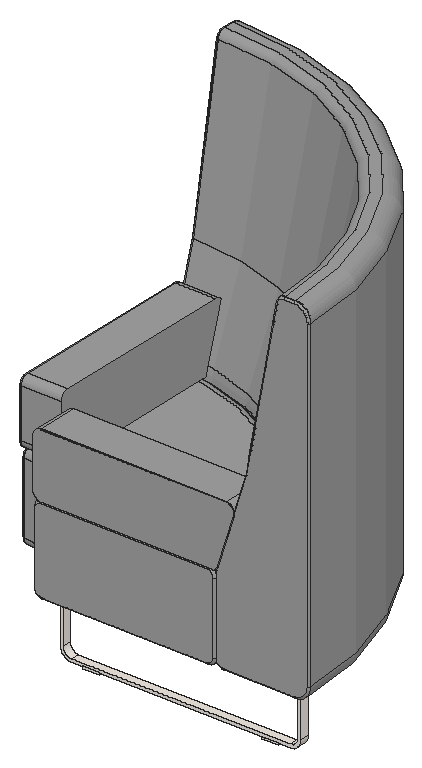
Revit family "Haworth_Riverbend_ConcaveCurve90_EU_PRELIMINARY", category Furniture, Revit 2018
Family settings
  OmniClass Number = 23.40.70.14.64.21
  OmniClass Title = Systems Furniture
  Work Plane-Based = No
  Always vertical = Yes
  Cut with Voids When Loaded = No
  Shared = No
  Room Calculation Point = No
Parameters (values of type "126 x 90 x 143 - High Back")
  Without Arms [instance] = not(or(Left Arm, Right Arm))  # no
  With Arms [instance] = not(Without Arms)  # yes
  Width Straight Edge = if(Small, 79 cm, 85 cm)  # 85 cm
  Warranty = "http://www.haworth.com/resources/product-info/warranties"
  URL - Product = "https://www.haworth.com/eu/en/products/sofas-armchairs/riverbend-pebble.html"
  Two Arms [instance] = and(Left Arm, Right Arm)  # yes
  Trim Finish = Haworth _ Paint _ Plaster
  Symbolic Line Controller = not(No Back)  # yes
  Small = not(Large)  # no
  Seat Upholstery Finish [instance] = Haworth _ Fabric _ Tellure _ Steel 3A-39
  Right Arm [instance] = yes
  No Back = no
  Mid Back = not(or(No Back, High Back))  # no
  Model = "SELSCX90"  # constant formula
  Left Arm [instance] = yes
  Large = yes
  High Back = yes
  Description = "Haworth - Riverbend - Concave Curve - 90 Degree"  # constant formula
  URL = "https://www.haworth.com/eu/en.html"
  Size = "Verify Final Dim. w/ Haworth"  # constant formula
  Revision Number = "1"  # constant formula
  Manufacturer = "Haworth"  # constant formula
  Back Upholstery Finish [instance] = Haworth _ Fabric _ Tellure _ Steel 3A-39
  Author = "Haworth (Bentzen, Abd Rahman)"  # constant formula
  Assembly Code = "E2020200"
  Arms = "Not available for No Back"  # constant formula
  Arm Finish [instance] = Haworth _ Fabric _ Tellure _ Steel 3A-39
  Actual Width = 143 cm  # constant formula
  Actual Height = 45 cm  # constant formula
  Actual Depth = if(Small, 79 cm, 85 cm)  # 85 cm
Reference planes (cm)
  plane 1 "Center F/B": through (-20.2604, -33.9808, 0) normal (-0.7071, -0.7071, 0)
  plane 2 "Bottom": z = 0
  plane 3 "Center L/R": through (5.5102, -29.3435, 0) normal (0.7071, -0.7071, 0)
  plane 4 "Left": through (-116.505, -50.3938, 121.92) normal (-0.7071, 0.7071, 0)
  plane 5 "Right": through (124.5903, -11.5309, 121.92) normal (0.7071, -0.7071, 0)
  plane 6 "Frame Back": through (-73.6346, 78.6631, 121.92) normal (0.7071, 0.7071, 0)
  plane 7 "Chair Front": through (-138.4552, 17.76, 121.92) normal (0.7071, 0.7071, 0)
  plane 8 "Top": z = 45
  plane 9 "Top - Bottom of Chamfer Edge": z = 44.365
  plane 10 "Frame Bottom": z = 17.695
  plane 11 "Bottom - Top of Chamfer Edge": z = 17.78
  plane 12 "Leg Bracket - Bottom": z = 17.78
  plane 13 "Leg Bottom - Top of Bottom": z = 1.5875
  plane 14 "Foot - Top of Foot": z = 0.635
  plane 15 "Bench Frame - Inner Concave Tangent Edge No 1": y = -69.2019
  plane 16 "Bench Frame - Inner Concave Tangent Edge No 2": x = -34.3482
  plane 17 "Bench Frame - Outer Concave Tangent Edge No 1": y = 15.7981
  plane 18 "Bench Frame - Outer Concave Tangent Edge No 2": x = 50.6518
  plane 19 "Bench Frame - Center Side No 1": y = -26.7019
  plane 20 "Bench Frame - Center Side No 2": x = 8.1518
  plane 21 "Bench Frame - Straight Edge No 2": y = -86.9819
  plane 22 "Bench Frame - Straight Edge No 1": x = -52.1282
  plane 23 "Left Leg - Back of Leg Bracket": y = 10.1334
  plane 24 "Center Leg - Back of Leg Bracket": through (-139.7206, 138.259, 121.92) normal (0.7071, 0.7071, 0)
  plane 25 "Right Leg - Back of Leg Bracket": x = 44.9871
  plane 26 "Left Leg - Front of Leg Bracket": y = -64.7169
  plane 27 "Right Leg - Front of Leg Bracket": x = -29.8635
  plane 28 "Center Leg - Front of Leg Bracket": through (-8.4793, -41.4757, 121.92) normal (0.7071, 0.7071, 0)
  plane 29: through (-170.5143, 49.6713, 121.92) normal (-0.7071, 0.7071, 0)
  plane 30 "Left - Top of Chamfer Edge": x = -51.4932
  plane 31 "Right - Top of Chamfer Edge": y = -86.3469
  plane 32 "Leg Left - Left of Leg Bracket": x = -48.1694
  plane 33 "Right Left - Right of Leg Bracket": y = -83.0231
  plane 34: through (12.7455, -15.5542, 121.92) normal (0.7071, 0.7071, 0)
  plane 35: y = 4.1009
  plane 36: y = 3.1409
  plane 37: y = -1.9391
  plane 38: y = 9.1809
  plane 39: y = -52.6441
  plane 40: y = -57.7241
  plane 41: y = -58.6841
  plane 42: y = -63.7641
  plane 43: through (-7.7752, -40.8329, 121.92) normal (-0.7071, -0.7071, 0)
  plane 44: through (-4.1831, -37.2408, 121.92) normal (-0.7071, -0.7071, 0)
  plane 45: through (-3.5042, -36.5619, 121.92) normal (-0.7071, -0.7071, 0)
  plane 46: through (0.0879, -32.9698, 121.92) normal (-0.7071, -0.7071, 0)
  plane 47: through (7.2615, -25.7962, 121.92) normal (-0.7071, -0.7071, 0)
  plane 48: through (10.8536, -22.2041, 121.92) normal (-0.7071, -0.7071, 0)
  plane 49: through (11.5324, -21.5253, 121.92) normal (-0.7071, -0.7071, 0)
  plane 50: x = -28.9104
  plane 51: x = -23.8304
  plane 52: x = -22.8704
  plane 53: x = -17.7904
  plane 54: x = 32.9146
  plane 55: x = 37.9946
  plane 56: x = 38.9546
  plane 57: x = 44.0346
  plane 58: x = -45.6294
  plane 59: y = -80.4831
  plane 60: through (15.798, -17.2597, 121.92) normal (-0.7071, 0.7071, 0)
  plane 61: through (17.594, -19.0557, 121.92) normal (-0.7071, 0.7071, 0)
  plane 62: x = -42.1369
  plane 63: through (0.0825, -41.5064, 121.92) normal (0.7071, -0.7071, 0)
  plane 64: y = -76.9906
Lines and regions (cm)
  Masking region 1
    outline origin (0, 0, 45) x (-1, 0, 0) y (0, -1, 0)
      loop
        arc (52.6282, 69.7019) -> (40.0558, 74.9096) -> (34.8482, 87.4819) r 17.78
        line (34.8482, 87.4819) -> (-55.1518, 87.4819)
        arc (-55.1518, 87.4819) -> (-22.6426, 12.9535) -> (52.6282, -17.7978) r 108.0349
        line (52.6282, -17.7978) -> (52.6282, 69.7019)
  symbolic lines, style "Haworth", visible <- "Symbolic Line Controller"
    curve 1: arc (-52.6282, -9.6367, 45) -> (1.9406, -32.2054, 45) -> (22.716, -87.4819, 45) r 74.1467
Dimensions and locks (cm)
  "Actual Width": plane 4 "Left" to plane 5 "Right"
  locked: plane 8 "Top" to plane 9 "Top - Bottom of Chamfer Edge" at 0.635
  locked: plane 11 "Bottom - Top of Chamfer Edge" to plane 10 "Frame Bottom" at 0.085
  locked: plane 8 "Top" to plane 10 "Frame Bottom" at 27.305
  "Actual Height": plane 8 "Top" to plane 2 "Bottom"
  plane 8 "Top" to plane 2 "Bottom" = 45 cm
  "Width Straight Edge": plane 16 "Bench Frame - Inner Concave Tangent Edge No 2" to plane 18 "Bench Frame - Outer Concave Tangent Edge No 2"
  "Width Straight Edge": plane 17 "Bench Frame - Outer Concave Tangent Edge No 1" to plane 15 "Bench Frame - Inner Concave Tangent Edge No 1"
  equal spacing: plane 17 "Bench Frame - Outer Concave Tangent Edge No 1", plane 19 "Bench Frame - Center Side No 1", plane 15 "Bench Frame - Inner Concave Tangent Edge No 1"
  equal spacing: plane 16 "Bench Frame - Inner Concave Tangent Edge No 2", plane 20 "Bench Frame - Center Side No 2", plane 18 "Bench Frame - Outer Concave Tangent Edge No 2"
  plane 15 "Bench Frame - Inner Concave Tangent Edge No 1" to plane 21 "Bench Frame - Straight Edge No 2" = 17.78 cm
  plane 22 "Bench Frame - Straight Edge No 1" to plane 16 "Bench Frame - Inner Concave Tangent Edge No 2" = 17.78 cm
  plane 22 "Bench Frame - Straight Edge No 1" to plane 30 "Left - Top of Chamfer Edge" = 0.635 cm
  plane 31 "Right - Top of Chamfer Edge" to plane 21 "Bench Frame - Straight Edge No 2" = 0.635 cm
  plane 24 "Center Leg - Back of Leg Bracket" to plane 28 "Center Leg - Front of Leg Bracket" = 34.29 cm
  plane 16 "Bench Frame - Inner Concave Tangent Edge No 2" to plane 18 "Bench Frame - Outer Concave Tangent Edge No 2" = 85 cm
  radius of Masking region 1 sketch curve = 17.78 cm
  aligned and locked: nested 1 to level
  aligned and locked: plane 20 "Bench Frame - Center Side No 2" to nested 1
  aligned and locked: plane 19 "Bench Frame - Center Side No 1" to nested 1
  aligned and locked: plane 11 "Bottom - Top of Chamfer Edge" to nested 2
  aligned and locked: plane 11 "Bottom - Top of Chamfer Edge" to nested 4
  aligned and locked: plane 11 "Bottom - Top of Chamfer Edge" to nested 3
  aligned and locked: plane 20 "Bench Frame - Center Side No 2" to nested 3
  aligned and locked: plane 19 "Bench Frame - Center Side No 1" to nested 3
  aligned and locked: plane 19 "Bench Frame - Center Side No 1" to nested 2
  aligned and locked: plane 20 "Bench Frame - Center Side No 2" to nested 2
  aligned and locked: nested 4 to nested 3
  aligned and locked: plane 11 "Bottom - Top of Chamfer Edge" to nested 1
  aligned and locked: Masking region 1 sketch curve to nested 4
  aligned and locked: nested 3 to Masking region 1 sketch curve  (x2)
  aligned and locked: nested 3 to curve 1  (x2)
  aligned and locked: nested 5 to plane 8 "Top"
  aligned and locked: nested 5 to nested 3  (x2)
  aligned and locked: plane 8 "Top" to nested 6
  aligned and locked: nested 3 to nested 6
  aligned and locked: nested 7 to nested 3
  aligned and locked: nested 8 to nested 3
Automatic sketch dimensions
  Masking region 1 sketch curve to Masking region 1 sketch curve = 0.2198 cm
  plane 17 "Bench Frame - Outer Concave Tangent Edge No 1" to Masking region 1 sketch curve = 1.9998 cm
  curve 1 to plane 32 "Leg Left - Left of Leg Bracket" = 3.1685 cm
  curve 1 to plane 33 "Right Left - Right of Leg Bracket" = 0.7491 cm
  plane 54 to curve 1 = 10.1986 cm
Nested families (cm)
  nested 1: "Haworth_Riverbend_ConcaveBench90_Base-PART" at (0, 0, 0), Trim Finish <- "Trim Finish", type "Base - PART"
    with Trim Finish Haworth _ Paint _ Plaster, Width Straight Edge 85 cm, Actual Depth 85 cm
  nested 2: "Haworth_Riverbend_ConcaveBench90_Small_Seat-PART" at (-0.5, -0.5, 0.085), Seat Upholstery Finish <- "Seat Upholstery Finish", Trim Finish <- "Trim Finish", Back Upholstery Finish <- "Back Upholstery Finish", visible <- "Small", type "Small Seat - PART"
    with Seat Upholstery Finish Haworth _ Fabric _ Tellure _ Steel 3A-39
  nested 3: "Haworth_Riverbend_ConcaveBench90_Back-PART" at (-0.5, -0.5, -0.635), Back Upholstery Finish <- "Back Upholstery Finish", type "Back - PART"
    with Back Upholstery Finish Haworth _ Fabric _ Tellure _ Steel 3A-39, Actual Height 45 cm, Actual Depth 85 cm
  nested 4: "Haworth_Riverbend_ConcaveBench90_Large_Seat-PART" at (-0.5, -0.5, 0.085), visible <- "Large", Trim Finish <- "Trim Finish", Seat Upholstery Finish <- "Seat Upholstery Finish", Back Upholstery Finish <- "Back Upholstery Finish", type "Large Seat - PART"
    with Trim Finish Haworth _ Paint _ Plaster, Seat Upholstery Finish Haworth _ Fabric _ Tellure _ Steel 3A-39, Back Upholstery Finish Haworth _ Fabric _ Tellure _ Steel 3A-39, Symbolic Line Controller yes, No Back no, Mid Back no, Actual Height 45 cm
  nested 5: "Haworth_Riverbend_Arm-PART" at (3.4018, -43.6389, 0), 85D <- "Large", Arm Finish <- "Arm Finish", visible <- "Left Arm", type "Arm - PART"
    with Arm Finish Haworth _ Fabric _ Tellure _ Steel 3A-39, 85D yes, 79D no, Actual Height 45 cm
  nested 6: "Haworth_Riverbend_Arm-PART" at (-8.1997, -31.4519, 0) x (0, 1, 0) z (0, 0, 1), 85D <- "Large", Arm Finish <- "Arm Finish", visible <- "Right Arm", type "Arm - PART"
    with Arm Finish Haworth _ Fabric _ Tellure _ Steel 3A-39, 85D yes, 79D no, Actual Height 45 cm
  nested 7: "Haworth_Riverbend_Arm-PART" at (3.4018, -41.8385, 0), 79D <- "Small", Arm Finish <- "Arm Finish", visible <- "Left Arm", type "Arm - PART"
    with Arm Finish Haworth _ Fabric _ Tellure _ Steel 3A-39, 85D no, 79D no, Actual Height 45 cm
  nested 8: "Haworth_Riverbend_Arm-PART" at (-6.5319, -130.5119, 0) x (0, -1, 0) z (0, 0, 1), 79D <- "Small", Arm Finish <- "Arm Finish", visible <- "Right Arm", type "Arm - PART"
    with Arm Finish Haworth _ Fabric _ Tellure _ Steel 3A-39, 85D no, 79D no, Actual Height 45 cm
Definition of nested family "Haworth_Riverbend_ConcaveBench90_Base-PART"
  Parameters (values of type "Base - PART")
    Width Straight Edge = 90 cm
    Warranty = "http://www.haworth.com/resources/product-info/warranties"
    URL - Product = "http://www.haworth.com/products/seating/sofas/riverbend-pebble"
    Trim Finish [instance] = none
    Model = "Haworth - Riverbend"  # constant formula
    Description = "Haworth - Riverbend - Base - PART"  # constant formula
    URL = "http://www.haworth.com"
    Size = "Verify Final Dim. w/ Haworth"  # constant formula
    Revision Number = "1"  # constant formula
    Manufacturer = "Haworth"  # constant formula
    Author = "Haworth (Bentzen, Abd Rahman)"  # constant formula
    Assembly Code = "E2020200"
    Actual Width = 143 cm  # constant formula
    Actual Height = 45 cm
    Actual Depth = 90 cm
  Reference planes (cm)
    plane 1 "Center F/B": through (-20.2604, -33.9808, 0) normal (-0.7071, -0.7071, 0)
    plane 2 "Bottom": z = 0
    plane 3 "Center L/R": through (5.5102, -29.3435, 0) normal (0.7071, -0.7071, 0)
    plane 4 "Left": through (-116.505, -50.3938, 121.92) normal (-0.7071, 0.7071, 0)
    plane 5 "Right": through (124.5903, -11.5309, 121.92) normal (0.7071, -0.7071, 0)
    plane 6 "Frame Back": through (-73.6346, 78.6631, 121.92) normal (0.7071, 0.7071, 0)
    plane 7 "Chair Front": through (-138.4552, 17.76, 121.92) normal (0.7071, 0.7071, 0)
    plane 8 "Top": z = 45
    plane 9 "Frame Bottom": z = 17.695
    plane 10 "Bottom - Top of Chamfer Edge": z = 18.33
    plane 11 "Leg Bracket - Bottom": z = 17.78
    plane 12 "Leg Bottom - Top of Bottom": z = 1.5875
    plane 13 "Foot - Top of Foot": z = 0.635
    plane 14 "Bench Frame - Inner Concave Tangent Edge No 1": y = -69.2019
    plane 15 "Bench Frame - Inner Concave Tangent Edge No 2": x = -34.3482
    plane 16 "Bench Frame - Outer Concave Tangent Edge No 1": y = 20.7981
    plane 17 "Bench Frame - Outer Concave Tangent Edge No 2": x = 55.6518
    plane 18 "Bench Frame - Center Side No 1": y = -24.2019
    plane 19 "Bench Frame - Center Side No 2": x = 10.6518
    plane 20 "Bench Frame - Straight Edge No 2": y = -86.9819
    plane 21 "Bench Frame - Straight Edge No 1": x = -52.1282
    plane 22 "Left Leg - Back of Leg Bracket": y = 10.1334
    plane 23 "Center Leg - Back of Leg Bracket": through (-139.7206, 138.259, 121.92) normal (0.7071, 0.7071, 0)
    plane 24 "Right Leg - Back of Leg Bracket": x = 44.9871
    plane 25 "Left Leg - Front of Leg Bracket": y = -64.7169
    plane 26 "Right Leg - Front of Leg Bracket": x = -29.8635
    plane 27 "Center Leg - Front of Leg Bracket": through (-8.4793, -41.4757, 121.92) normal (0.7071, 0.7071, 0)
    plane 28: through (-170.5143, 49.6713, 121.92) normal (-0.7071, 0.7071, 0)
    plane 29 "Left - Top of Chamfer Edge": x = -51.4932
    plane 30 "Right - Top of Chamfer Edge": y = -86.3469
    plane 31 "Leg Left - Left of Leg Bracket": x = -48.1694
    plane 32 "Right Left - Right of Leg Bracket": y = -83.0231
    plane 33: through (12.7455, -15.5542, 121.92) normal (0.7071, 0.7071, 0)
    plane 34: y = 4.1009
    plane 35: y = 3.1409
    plane 36: y = -1.9391
    plane 37: y = 9.1809
    plane 38: y = -52.6441
    plane 39: y = -57.7241
    plane 40: y = -58.6841
    plane 41: y = -63.7641
    plane 42: through (-7.7752, -40.8329, 121.92) normal (-0.7071, -0.7071, 0)
    plane 43: through (-4.1831, -37.2408, 121.92) normal (-0.7071, -0.7071, 0)
    plane 44: through (-3.5042, -36.5619, 121.92) normal (-0.7071, -0.7071, 0)
    plane 45: through (0.0879, -32.9698, 121.92) normal (-0.7071, -0.7071, 0)
    plane 46: through (7.2615, -25.7962, 121.92) normal (-0.7071, -0.7071, 0)
    plane 47: through (10.8536, -22.2041, 121.92) normal (-0.7071, -0.7071, 0)
    plane 48: through (11.5324, -21.5253, 121.92) normal (-0.7071, -0.7071, 0)
    plane 49: x = -28.9104
    plane 50: x = -23.8304
    plane 51: x = -22.8704
    plane 52: x = -17.7904
    plane 53: x = 32.9146
    plane 54: x = 37.9946
    plane 55: x = 38.9546
    plane 56: x = 44.0346
    plane 57: x = -45.6294
    plane 58: y = -80.4831
    plane 59: through (15.798, -17.2597, 121.92) normal (-0.7071, 0.7071, 0)
    plane 60: through (17.594, -19.0557, 121.92) normal (-0.7071, 0.7071, 0)
    plane 61: x = -42.1369
    plane 62: through (0.0825, -41.5064, 121.92) normal (0.7071, -0.7071, 0)
    plane 63: y = -76.9906
    plane 64: y = 14.6181
    plane 65: y = -7.2874
    plane 66: y = 14.6181
  Forms (cm)
    Extrusion 1, solid, material <- "Trim Finish"
      sketch origin (-56.9094, -25.788, 0) x (0, -1, 0) y (0, 0, -1)
        loop
          line (-35.9214, -17.695) -> (-34.9689, -17.695) -> (-34.9689, -4.1275)
          arc (-34.9689, -4.1275) -> (-34.225, -2.3314) -> (-32.4289, -1.5875) r 2.54
          line (-32.4289, -1.5875) -> (35.4361, -1.5875)
          arc (35.4361, -1.5875) -> (37.2321, -2.3314) -> (37.9761, -4.1275) r 2.54
          line (37.9761, -4.1275) -> (37.9761, -17.695) -> (38.9289, -17.695) -> (38.9289, -3.81)
          arc (38.9289, -3.81) -> (37.999, -1.5649) -> (35.7539, -0.635) r 3.175
          line (35.7539, -0.635) -> (-32.7464, -0.635)
          arc (-32.7464, -0.635) -> (-34.9915, -1.5649) -> (-35.9214, -3.81) r 3.175
          line (-35.9214, -3.81) -> (-35.9214, -17.695)
      from 8.74 to 11.28
    Extrusion 2, solid, material <- "Trim Finish"
      sketch origin (-51.2931, 95.3569, 45.72) x (1, 0, 0) y (0, 1, 0)
        loop
          line (3.1238, -92.216) -> (3.1238, -97.296) -> (5.6637, -97.296) -> (5.6637, -92.216) -> (3.1238, -92.216)
      from -45.72 to -45.085
    Extrusion 3, solid, material <- "Trim Finish"
      sketch origin (-51.2931, 101.1597, 45.72) x (1, 0, 0) y (0, 1, 0)
        loop
          line (3.1238, -158.8838) -> (5.6637, -158.8838) -> (5.6637, -153.8038) -> (3.1238, -153.8038) -> (3.1238, -158.8838)
      from -45.72 to -45.085
    Extrusion 4, solid, material <- "Trim Finish"
      sketch origin (-51.2931, 95.3569, 45.72) x (1, 0, 0) y (0, 1, 0)
        loop
          line (3.1238, -85.2235) -> (3.1238, -91.256) -> (9.1562, -91.256) -> (9.1562, -85.2235) -> (3.1238, -85.2235)
      from -27.94 to -28.025
    Extrusion 5, solid, material <- "Trim Finish"
      sketch origin (-51.2931, 151.8647, 45.72) x (1, 0, 0) y (0, 1, 0)
        loop
          line (3.1238, -216.5816) -> (9.1562, -216.5816) -> (9.1562, -210.5488) -> (3.1238, -210.5488) -> (3.1238, -216.5816)
      from -27.94 to -28.025
    Extrusion 6, solid, material <- "Trim Finish"
      sketch origin (9.0657, -91.7631, -0.085) x (-1, 0, 0) y (0, 0, 1)
        loop
          line (-35.9214, 17.78) -> (-35.9214, 3.895)
          arc (-35.9214, 3.895) -> (-34.9915, 1.6499) -> (-32.7464, 0.72) r 3.175
          line (-32.7464, 0.72) -> (35.7542, 0.72)
          arc (35.7542, 0.72) -> (37.9993, 1.6499) -> (38.9292, 3.895) r 3.175
          line (38.9292, 3.895) -> (38.9292, 17.78) -> (37.9761, 17.78) -> (37.9761, 4.2125)
          arc (37.9761, 4.2125) -> (37.2321, 2.4164) -> (35.4361, 1.6725) r 2.54
          line (35.4361, 1.6725) -> (-32.4289, 1.6725)
          arc (-32.4289, 1.6725) -> (-34.225, 2.4164) -> (-34.9689, 4.2125) r 2.54
          line (-34.9689, 4.2125) -> (-34.9689, 17.78) -> (-35.9214, 17.78)
      from 8.74 to 11.28
    Extrusion 7, solid, material <- "Trim Finish"
      sketch origin (130.2106, -86.1469, 45.72) x (0, 1, 0) y (-1, 0, 0)
        loop
          line (3.1238, 92.216) -> (5.6637, 92.216) -> (5.6637, 97.296) -> (3.1238, 97.296) -> (3.1238, 92.216)
      from -45.72 to -45.085
    Extrusion 8, solid, material <- "Trim Finish"
      sketch origin (136.0134, -86.1469, 45.72) x (0, 1, 0) y (-1, 0, 0)
        loop
          line (3.1238, 158.8838) -> (3.1238, 153.8038) -> (5.6637, 153.8038) -> (5.6637, 158.8838) -> (3.1238, 158.8838)
      from -45.72 to -45.085
    Extrusion 9, solid, material <- "Trim Finish"
      sketch origin (130.2106, -86.1469, 45.72) x (0, 1, 0) y (-1, 0, 0)
        loop
          line (3.1238, 85.2235) -> (9.1562, 85.2235) -> (9.1562, 91.256) -> (3.1238, 91.256) -> (3.1238, 85.2235)
      from -27.94 to -28.025
    Extrusion 10, solid, material <- "Trim Finish"
      sketch origin (186.7184, -86.1469, 45.72) x (0, 1, 0) y (-1, 0, 0)
        loop
          line (3.1238, 216.5819) -> (3.1238, 210.5488) -> (9.1562, 210.5488) -> (9.1562, 216.5819) -> (3.1238, 216.5819)
      from -27.94 to -28.025
    Extrusion 11, solid, material <- "Trim Finish"
      sketch origin (12.8979, -7.7996, 0) x (-0.707107, -0.707107, 0) y (0, 0, -1)
        loop
          line (4.6386, -17.695) -> (5.5911, -17.695) -> (5.5911, -4.1275)
          arc (5.5911, -4.1275) -> (6.335, -2.3314) -> (8.1311, -1.5875) r 2.54
          line (8.1311, -1.5875) -> (35.4361, -1.5875)
          arc (35.4361, -1.5875) -> (37.2321, -2.3314) -> (37.9761, -4.1275) r 2.54
          line (37.9761, -4.1275) -> (37.9761, -17.695) -> (38.9286, -17.695) -> (38.9286, -3.81)
          arc (38.9286, -3.81) -> (37.9987, -1.5649) -> (35.7536, -0.635) r 3.175
          line (35.7536, -0.635) -> (7.8136, -0.635)
          arc (7.8136, -0.635) -> (5.5685, -1.5649) -> (4.6386, -3.81) r 3.175
          line (4.6386, -3.81) -> (4.6386, -17.695)
      from 8.74 to 11.28
    Extrusion 12, solid, material <- "Trim Finish"
      sketch origin (73.8513, 45.2113, 45.72) x (0.707107, -0.707107, 0) y (0.707107, 0.707107, 0)
        loop
          line (3.1238, -92.216) -> (3.1238, -97.296) -> (5.6637, -97.296) -> (5.6637, -92.216) -> (3.1238, -92.216)
      from -45.72 to -45.085
    Extrusion 13, solid, material <- "Trim Finish"
      sketch origin (106.6347, 77.9947, 45.72) x (0.707107, -0.707107, 0) y (0.707107, 0.707107, 0)
        loop
          line (3.1238, -158.8838) -> (5.6637, -158.8838) -> (5.6637, -153.8038) -> (3.1238, -153.8038) -> (3.1238, -158.8838)
      from -45.72 to -45.085
    Extrusion 14, solid, material <- "Trim Finish"
      sketch origin (73.8513, 45.2113, 45.72) x (0.707107, -0.707107, 0) y (0.707107, 0.707107, 0)
        loop
          line (3.1238, -85.2235) -> (3.1238, -91.256) -> (9.1562, -91.256) -> (9.1562, -85.2235) -> (3.1238, -85.2235)
      from -27.94 to -28.025
    Extrusion 15, solid, material <- "Trim Finish"
      sketch origin (142.4886, 113.8486, 45.72) x (0.707107, -0.707107, 0) y (0.707107, 0.707107, 0)
        loop
          line (3.1238, -216.5813) -> (9.1562, -216.5813) -> (9.1562, -210.5488) -> (3.1238, -210.5488) -> (3.1238, -216.5813)
      from -27.94 to -28.025
  Lines and regions (cm)
    Masking region 1
      outline origin (0, 0, 45) x (-1, 0, 0) y (0, -1, 0)
        loop
          line (45.6294, 61.2241) -> (45.6294, -6.6409) -> (48.1694, -6.6409) -> (48.1694, 61.2241) -> (45.6294, 61.2241)
        loop
          line (1.0931, 37.7428) -> (-18.2145, 18.4353) -> (-16.4184, 16.6392) -> (2.8891, 35.9468) -> (1.0931, 37.7428)
        loop
          line (26.3704, 83.0231) -> (-41.4946, 83.0231) -> (-41.4946, 80.4831) -> (26.3704, 80.4831) -> (26.3704, 83.0231)
  Dimensions and locks (cm)
    "Actual Width": plane 4 "Left" to plane 5 "Right"
    plane 8 "Top" to plane 9 "Frame Bottom" = 27.305 cm
    "Actual Height": plane 8 "Top" to plane 2 "Bottom"
    plane 8 "Top" to plane 2 "Bottom" = 45 cm
    Extrusion 1 sketch curve to Extrusion 1 sketch curve = 0.9525 cm  (x2)
    Extrusion 1 sketch curve to Extrusion 1 sketch curve = 0.9528 cm
    "Width Straight Edge": plane 15 "Bench Frame - Inner Concave Tangent Edge No 2" to plane 17 "Bench Frame - Outer Concave Tangent Edge No 2"
    "Width Straight Edge": plane 16 "Bench Frame - Outer Concave Tangent Edge No 1" to plane 14 "Bench Frame - Inner Concave Tangent Edge No 1"
    equal spacing: plane 16 "Bench Frame - Outer Concave Tangent Edge No 1", plane 18 "Bench Frame - Center Side No 1", plane 14 "Bench Frame - Inner Concave Tangent Edge No 1"
    equal spacing: plane 15 "Bench Frame - Inner Concave Tangent Edge No 2", plane 19 "Bench Frame - Center Side No 2", plane 17 "Bench Frame - Outer Concave Tangent Edge No 2"
    plane 14 "Bench Frame - Inner Concave Tangent Edge No 1" to plane 20 "Bench Frame - Straight Edge No 2" = 17.78 cm
    plane 21 "Bench Frame - Straight Edge No 1" to plane 15 "Bench Frame - Inner Concave Tangent Edge No 2" = 17.78 cm
    plane 21 "Bench Frame - Straight Edge No 1" to plane 29 "Left - Top of Chamfer Edge" = 0.635 cm
    plane 30 "Right - Top of Chamfer Edge" to plane 20 "Bench Frame - Straight Edge No 2" = 0.635 cm
    Extrusion 6 sketch curve to Extrusion 6 sketch curve = 0.9525 cm  (x2)
    Extrusion 6 sketch curve to Extrusion 6 sketch curve = 0.9531 cm
    Extrusion 11 sketch curve to Extrusion 11 sketch curve = 0.9525 cm  (x3)
    plane 23 "Center Leg - Back of Leg Bracket" to plane 27 "Center Leg - Front of Leg Bracket" = 34.29 cm
    plane 15 "Bench Frame - Inner Concave Tangent Edge No 2" to plane 17 "Bench Frame - Outer Concave Tangent Edge No 2" = 90 cm
    plane 10 "Bottom - Top of Chamfer Edge" to plane 11 "Leg Bracket - Bottom" to plane 9 "Frame Bottom" = 0.55 cm locked, 0.085 cm locked
    aligned and locked: Extrusion 11 to plane 33
    aligned and locked: plane 23 "Center Leg - Back of Leg Bracket" to Extrusion 11  (x2)
    aligned and locked: Extrusion 3 to plane 38
    aligned and locked: Extrusion 1 to Extrusion 3  (x2)
    aligned and locked: plane 39 to Extrusion 3
    aligned and locked: Extrusion 2 to plane 35  (x2)
    aligned and locked: Extrusion 1 to Extrusion 2
    aligned and locked: Extrusion 3 to plane 57  (x2)
    aligned and locked: Extrusion 13 to plane 45
    aligned and locked: plane 59 to Extrusion 13
    aligned and locked: Extrusion 13 to plane 60
    aligned and locked: plane 46 to Extrusion 12
    aligned and locked: Extrusion 12 to plane 47
    aligned and locked: plane 59 to Extrusion 12
    aligned and locked: Extrusion 12 to plane 60
    aligned and locked: plane 53 to Extrusion 7
    aligned and locked: plane 58 to Extrusion 7
    aligned and locked: Extrusion 7 to plane 32 "Right Left - Right of Leg Bracket"
    aligned and locked: Extrusion 7 to plane 54
    aligned and locked: plane 58 to Extrusion 8
    aligned and locked: Extrusion 8 to plane 32 "Right Left - Right of Leg Bracket"
    aligned and locked: plane 51 to Extrusion 8
    aligned and locked: Extrusion 8 to plane 52
    aligned and locked: Extrusion 2 to plane 2 "Bottom"
    aligned and locked: Extrusion 2 to plane 13 "Foot - Top of Foot"
    aligned and locked: plane 2 "Bottom" to Extrusion 12  (x2)
    aligned and locked: plane 13 "Foot - Top of Foot" to Extrusion 12  (x2)
    aligned and locked: plane 2 "Bottom" to Extrusion 13  (x2)
    aligned and locked: plane 13 "Foot - Top of Foot" to Extrusion 13  (x2)
    aligned and locked: Extrusion 3 to plane 2 "Bottom"
    aligned and locked: Extrusion 3 to plane 13 "Foot - Top of Foot"
    aligned and locked: Extrusion 8 to plane 2 "Bottom"
    aligned and locked: Extrusion 8 to plane 13 "Foot - Top of Foot"
    aligned and locked: Extrusion 3 to plane 31 "Leg Left - Left of Leg Bracket"
    aligned and locked: plane 36 to Extrusion 2
    aligned and locked: Extrusion 2 to plane 57
    aligned and locked: Extrusion 2 to plane 31 "Leg Left - Left of Leg Bracket"
    aligned and locked: Extrusion 7 to plane 13 "Foot - Top of Foot"
    aligned and locked: Extrusion 7 to plane 2 "Bottom"
    aligned and locked: plane 13 "Foot - Top of Foot" to Extrusion 1
    aligned and locked: Extrusion 1 to plane 12 "Leg Bottom - Top of Bottom"
    aligned and locked: plane 22 "Left Leg - Back of Leg Bracket" to Extrusion 1
    aligned and locked: plane 37 to Extrusion 1
    aligned and locked: Extrusion 1 to plane 41
    aligned and locked: Extrusion 1 to plane 25 "Left Leg - Front of Leg Bracket"
    aligned and locked: plane 24 "Right Leg - Back of Leg Bracket" to Extrusion 6
    aligned and locked: plane 56 to Extrusion 6
    aligned and locked: Extrusion 6 to plane 12 "Leg Bottom - Top of Bottom"
    aligned and locked: plane 13 "Foot - Top of Foot" to Extrusion 6
    aligned and locked: Extrusion 6 to plane 26 "Right Leg - Front of Leg Bracket"
    aligned and locked: Extrusion 6 to plane 49
    aligned and locked: plane 13 "Foot - Top of Foot" to Extrusion 3
    aligned and locked: Extrusion 11 to plane 12 "Leg Bottom - Top of Bottom"
    aligned and locked: plane 13 "Foot - Top of Foot" to Extrusion 11
    aligned and locked: Extrusion 14 to plane 11 "Leg Bracket - Bottom"  (x5)
    aligned and locked: plane 9 "Frame Bottom" to Extrusion 14  (x5)
    aligned and locked: plane 9 "Frame Bottom" to Extrusion 15  (x3)
    aligned and locked: Extrusion 15 to plane 11 "Leg Bracket - Bottom"  (x3)
    aligned and locked: plane 59 to Extrusion 11
    aligned and locked: Extrusion 11 to plane 60
    aligned and locked: Extrusion 11 to plane 27 "Center Leg - Front of Leg Bracket"
    aligned and locked: Extrusion 11 to plane 42  (x2)
    aligned and locked: plane 33 to Extrusion 11
    aligned and locked: Extrusion 6 to plane 32 "Right Left - Right of Leg Bracket"
    aligned and locked: plane 58 to Extrusion 6
    aligned and locked: plane 31 "Leg Left - Left of Leg Bracket" to Extrusion 4 sketch curve
    aligned and locked: plane 61 to Extrusion 4 sketch curve
    aligned and locked: Extrusion 4 sketch curve to plane 22 "Left Leg - Back of Leg Bracket"
    aligned and locked: Extrusion 4 sketch curve to plane 34
    aligned and locked: Extrusion 5 sketch curve to plane 31 "Leg Left - Left of Leg Bracket"
    aligned and locked: Extrusion 5 sketch curve to plane 61
    aligned and locked: Extrusion 5 sketch curve to plane 40
    aligned and locked: Extrusion 5 sketch curve to plane 25 "Left Leg - Front of Leg Bracket"
    aligned and locked: plane 59 to Extrusion 15 sketch curve
    aligned and locked: plane 62 to Extrusion 15 sketch curve
    aligned and locked: Extrusion 15 sketch curve to plane 43
    aligned and locked: Extrusion 15 sketch curve to plane 27 "Center Leg - Front of Leg Bracket"
    aligned and locked: Extrusion 14 sketch curve to plane 23 "Center Leg - Back of Leg Bracket"
    aligned and locked: Extrusion 14 sketch curve to plane 48
    aligned and locked: Extrusion 14 sketch curve to plane 59
    aligned and locked: Extrusion 14 sketch curve to plane 62
    aligned and locked: plane 26 "Right Leg - Front of Leg Bracket" to Extrusion 10 sketch curve
    aligned and locked: plane 50 to Extrusion 10 sketch curve
    aligned and locked: Extrusion 10 sketch curve to plane 63
    aligned and locked: plane 32 "Right Left - Right of Leg Bracket" to Extrusion 10 sketch curve
    aligned and locked: plane 63 to Extrusion 9 sketch curve
    aligned and locked: Extrusion 9 sketch curve to plane 32 "Right Left - Right of Leg Bracket"
    aligned and locked: plane 55 to Extrusion 9 sketch curve
    aligned and locked: plane 24 "Right Leg - Back of Leg Bracket" to Extrusion 9 sketch curve
    aligned and locked: Extrusion 5 to plane 11 "Leg Bracket - Bottom"  (x3)
    aligned and locked: plane 9 "Frame Bottom" to Extrusion 5  (x3)
    aligned and locked: Extrusion 10 to plane 11 "Leg Bracket - Bottom"  (x3)
    aligned and locked: plane 9 "Frame Bottom" to Extrusion 10  (x4)
    aligned and locked: plane 11 "Leg Bracket - Bottom" to Extrusion 15
    aligned and locked: Extrusion 15 to plane 9 "Frame Bottom"
    aligned and locked: plane 11 "Leg Bracket - Bottom" to Extrusion 14
    aligned and locked: Extrusion 14 to plane 9 "Frame Bottom"
    aligned and locked: Extrusion 9 to plane 11 "Leg Bracket - Bottom"  (x3)
    aligned and locked: plane 9 "Frame Bottom" to Extrusion 9  (x3)
    aligned and locked: Extrusion 4 to plane 11 "Leg Bracket - Bottom"
    aligned and locked: plane 9 "Frame Bottom" to Extrusion 4  (x2)
    aligned and locked: plane 11 "Leg Bracket - Bottom" to Extrusion 5
    aligned and locked: Extrusion 5 to plane 9 "Frame Bottom"
    aligned and locked: plane 9 "Frame Bottom" to Extrusion 1
    aligned and locked: plane 9 "Frame Bottom" to Extrusion 11  (x2)
    aligned and locked: plane 9 "Frame Bottom" to Extrusion 6
    aligned and locked: plane 9 "Frame Bottom" to Extrusion 6 sketch curve
    aligned and locked: plane 49 to Extrusion 6 sketch curve
    aligned and locked: plane 26 "Right Leg - Front of Leg Bracket" to Extrusion 6 sketch curve
    aligned and locked: plane 22 "Left Leg - Back of Leg Bracket" to Extrusion 1 sketch curve
    aligned and locked: plane 37 to Extrusion 1 sketch curve
    aligned and locked: Extrusion 1 sketch curve to plane 9 "Frame Bottom"
  Automatic sketch dimensions
    Extrusion 2 sketch curve to plane 31 "Leg Left - Left of Leg Bracket" = 0 cm
    plane 36 to Extrusion 2 sketch curve = 0 cm
    Extrusion 2 sketch curve to plane 57 = 0 cm
    plane 35 to Extrusion 2 sketch curve = 0 cm
    Extrusion 3 sketch curve to plane 31 "Leg Left - Left of Leg Bracket" = 0 cm
    plane 38 to Extrusion 3 sketch curve = 0 cm
    Extrusion 3 sketch curve to plane 57 = 0 cm
    plane 39 to Extrusion 3 sketch curve = 0 cm
    Extrusion 7 sketch curve to plane 32 "Right Left - Right of Leg Bracket" = 0 cm
    Extrusion 7 sketch curve to plane 53 = 0 cm
    Extrusion 7 sketch curve to plane 58 = 0 cm
    Extrusion 7 sketch curve to plane 54 = 0 cm
    Extrusion 8 sketch curve to plane 32 "Right Left - Right of Leg Bracket" = 0 cm
    Extrusion 8 sketch curve to plane 52 = 0 cm
    Extrusion 8 sketch curve to plane 58 = 0 cm
    Extrusion 8 sketch curve to plane 51 = 0 cm
    Extrusion 11 sketch curve to plane 23 "Center Leg - Back of Leg Bracket" = 0 cm
    plane 13 "Foot - Top of Foot" to Extrusion 11 sketch curve = 0 cm
    Extrusion 11 sketch curve to plane 11 "Leg Bracket - Bottom" = 0.085 cm  (x2)
    Extrusion 11 sketch curve to plane 42 = 0 cm
    Extrusion 11 sketch curve to plane 33 = 2.2225 cm
    Extrusion 11 sketch curve to Extrusion 11 sketch curve = 0.3175 cm  (x2)
    plane 43 to Extrusion 11 sketch curve = 2.54 cm
    plane 46 to Extrusion 12 sketch curve = 0 cm
    Extrusion 12 sketch curve to plane 59 = 0 cm
    Extrusion 12 sketch curve to plane 60 = 0 cm
    plane 47 to Extrusion 12 sketch curve = 0 cm
    plane 45 to Extrusion 13 sketch curve = 0 cm
    Extrusion 13 sketch curve to plane 59 = 0 cm
    Extrusion 13 sketch curve to plane 60 = 0 cm
    plane 44 to Extrusion 13 sketch curve = 0 cm
    Extrusion 6 sketch curve to plane 9 "Frame Bottom" = 0 cm
    Extrusion 6 sketch curve to plane 24 "Right Leg - Back of Leg Bracket" = 0 cm
    Extrusion 6 sketch curve to plane 13 "Foot - Top of Foot" = 0 cm
    Extrusion 6 sketch curve to plane 12 "Leg Bottom - Top of Bottom" = 2.2225 cm
    Extrusion 6 sketch curve to Extrusion 6 sketch curve = 0.3175 cm
    plane 50 to Extrusion 6 sketch curve = 2.54 cm
    Extrusion 6 sketch curve to Extrusion 6 sketch curve = 0.3181 cm
    plane 13 "Foot - Top of Foot" to Extrusion 1 sketch curve = 0 cm
    Extrusion 1 sketch curve to plane 9 "Frame Bottom" = 0 cm
    Extrusion 1 sketch curve to plane 41 = 0 cm
    Extrusion 1 sketch curve to plane 12 "Leg Bottom - Top of Bottom" = 2.2225 cm
    Extrusion 1 sketch curve to Extrusion 1 sketch curve = 0.3175 cm
    plane 40 to Extrusion 1 sketch curve = 2.54 cm
    Extrusion 1 sketch curve to Extrusion 1 sketch curve = 0.3178 cm
    Masking region 1 sketch curve to plane 57 = 0 cm
    Masking region 1 sketch curve to plane 31 "Leg Left - Left of Leg Bracket" = 0 cm
    plane 37 to Masking region 1 sketch curve = 2.54 cm
    plane 40 to Masking region 1 sketch curve = 2.54 cm
    Masking region 1 sketch curve to plane 60 = 0 cm  (x2)
    Masking region 1 sketch curve to plane 59 = 0 cm
    Masking region 1 sketch curve to plane 18 "Bench Frame - Center Side No 1" = 11.7449 cm
    plane 19 "Bench Frame - Center Side No 2" to Masking region 1 sketch curve = 5.7666 cm
    Masking region 1 sketch curve to plane 32 "Right Left - Right of Leg Bracket" = 0 cm
    Masking region 1 sketch curve to plane 58 = 0 cm
    plane 56 to Masking region 1 sketch curve = 2.54 cm
    plane 50 to Masking region 1 sketch curve = 2.54 cm
Definition of nested family "Haworth_Riverbend_ConcaveBench90_Small_Seat-PART"
  Parameters (values of type "Small Seat - PART")
    Width Straight Edge = 86 cm  # constant formula
    Warranty = "http://www.haworth.com/resources/product-info/warranties"
    URL - Product = "http://www.haworth.com/products/seating/sofas/riverbend-pebble"
    Trim Finish [instance] = none
    Symbolic Line Controller = not(No Back)  # yes
    Seat Upholstery Finish [instance] = none
    No Back = no
    Mid Back = no
    Model = "Haworth - Riverbend"  # constant formula
    High Back = yes
    Description = "Haworth - Riverbend - Concave Bench 90 Degree - Seat - PART"  # constant formula
    URL = "http://www.haworth.com"
    Size = "Verify Final Dim. w/ Haworth"  # constant formula
    Revision Number = "1"  # constant formula
    Manufacturer = "Haworth"  # constant formula
    Depth = 83.82 cm  # constant formula
    Back Upholstery Finish [instance] = none
    Author = "Haworth (Bentzen, Abd Rahman)"  # constant formula
    Assembly Code = "E2020200"
    Actual Width = 143 cm  # constant formula
    Actual Height = 45 cm
  Reference planes (cm)
    plane 1 "Center F/B": through (-20.2604, -33.9808, 0) normal (-0.7071, -0.7071, 0)
    plane 2 "Bottom": z = 0
    plane 3 "Center L/R": through (5.5102, -29.3435, 0) normal (0.7071, -0.7071, 0)
    plane 4 "Left": through (-116.505, -50.3938, 121.92) normal (-0.7071, 0.7071, 0)
    plane 5 "Right": through (124.5903, -11.5309, 121.92) normal (0.7071, -0.7071, 0)
    plane 6 "Frame Back": through (-73.6346, 78.6631, 121.92) normal (0.7071, 0.7071, 0)
    plane 7 "Chair Front": through (-138.4552, 17.76, 121.92) normal (0.7071, 0.7071, 0)
    plane 8 "Top": z = 45
    plane 9 "Top - Bottom of Chamfer Edge": z = 44.365
    plane 10 "Frame Bottom": z = 17.695
    plane 11 "Bottom - Top of Chamfer Edge": z = 18.33
    plane 12 "Leg Bracket - Bottom": z = 17.78
    plane 13 "Leg Bottom - Top of Bottom": z = 1.5875
    plane 14 "Foot - Top of Foot": z = 0.635
    plane 15 "Bench Frame - Inner Concave Tangent Edge No 1": y = -69.2019
    plane 16 "Bench Frame - Inner Concave Tangent Edge No 2": x = -34.3482
    plane 17 "Bench Frame - Outer Concave Tangent Edge No 1": y = 16.7981
    plane 18 "Bench Frame - Outer Concave Tangent Edge No 2": x = 51.6518
    plane 19 "Bench Frame - Center Side No 1": y = -26.2019
    plane 20 "Bench Frame - Center Side No 2": x = 8.6518
    plane 21 "Bench Frame - Straight Edge No 2": y = -86.9819
    plane 22 "Bench Frame - Straight Edge No 1": x = -52.1282
    plane 23 "Left Leg - Back of Leg Bracket": y = 10.1334
    plane 24 "Center Leg - Back of Leg Bracket": through (-139.7206, 138.259, 121.92) normal (0.7071, 0.7071, 0)
    plane 25 "Right Leg - Back of Leg Bracket": x = 44.9871
    plane 26 "Left Leg - Front of Leg Bracket": y = -64.7169
    plane 27 "Right Leg - Front of Leg Bracket": x = -29.8635
    plane 28 "Center Leg - Front of Leg Bracket": through (-8.4793, -41.4757, 121.92) normal (0.7071, 0.7071, 0)
    plane 29: through (-170.5143, 49.6713, 121.92) normal (-0.7071, 0.7071, 0)
    plane 30 "Left - Top of Chamfer Edge": x = -51.4932
    plane 31 "Right - Top of Chamfer Edge": y = -86.3469
    plane 32 "Leg Left - Left of Leg Bracket": x = -48.1694
    plane 33 "Right Left - Right of Leg Bracket": y = -83.0231
    plane 34: through (12.7455, -15.5542, 121.92) normal (0.7071, 0.7071, 0)
    plane 35: y = 4.1009
    plane 36: y = 3.1409
    plane 37: y = -1.9391
    plane 38: y = 9.1809
    plane 39: y = -52.6441
    plane 40: y = -57.7241
    plane 41: y = -58.6841
    plane 42: y = -63.7641
    plane 43: through (-7.7752, -40.8329, 121.92) normal (-0.7071, -0.7071, 0)
    plane 44: through (-4.1831, -37.2408, 121.92) normal (-0.7071, -0.7071, 0)
    plane 45: through (-3.5042, -36.5619, 121.92) normal (-0.7071, -0.7071, 0)
    plane 46: through (0.0879, -32.9698, 121.92) normal (-0.7071, -0.7071, 0)
    plane 47: through (7.2615, -25.7962, 121.92) normal (-0.7071, -0.7071, 0)
    plane 48: through (10.8536, -22.2041, 121.92) normal (-0.7071, -0.7071, 0)
    plane 49: through (11.5324, -21.5253, 121.92) normal (-0.7071, -0.7071, 0)
    plane 50: x = -28.9104
    plane 51: x = -23.8304
    plane 52: x = -22.8704
    plane 53: x = -17.7904
    plane 54: x = 32.9146
    plane 55: x = 37.9946
    plane 56: x = 38.9546
    plane 57: x = 44.0346
    plane 58: x = -45.6294
    plane 59: y = -80.4831
    plane 60: through (15.798, -17.2597, 121.92) normal (-0.7071, 0.7071, 0)
    plane 61: through (17.594, -19.0557, 121.92) normal (-0.7071, 0.7071, 0)
    plane 62: x = -42.1369
    plane 63: through (0.0825, -41.5064, 121.92) normal (0.7071, -0.7071, 0)
    plane 64: y = -76.9906
    plane 65: y = 14.6181
    plane 66: y = -7.2874
    plane 67: y = 14.6181
  Forms (cm)
    Blend 1, solid, material <- "Seat Upholstery Finish", visible <- "No Back"
      base sketch origin (10.4632, -86.9819, 0) x (1, 0, 0) y (0, 0, 1)
        loop
          arc (-42.2714, 44.365) -> (-43.6184, 43.807) -> (-44.1764, 42.46) r 1.905
          line (-44.1764, 42.46) -> (-44.1764, 20.235)
          arc (-44.1764, 20.235) -> (-43.6184, 18.888) -> (-42.2714, 18.33) r 1.905
          line (-42.2714, 18.33) -> (36.4686, 18.33)
          arc (36.4686, 18.33) -> (39.3571, 19.5265) -> (40.5536, 22.415) r 4.085
          line (40.5536, 22.415) -> (40.5536, 40.28)
          arc (40.5536, 40.28) -> (39.3571, 43.1685) -> (36.4686, 44.365) r 4.085
          line (36.4686, 44.365) -> (-42.2714, 44.365)
      top sketch origin (10.4632, -86.9819, 0) x (1, 0, 0) y (0, 0, 1)
        loop
          arc (-42.2714, 45) -> (-44.0675, 44.2561) -> (-44.8114, 42.46) r 2.54
          line (-44.8114, 42.46) -> (-44.8114, 20.235)
          arc (-44.8114, 20.235) -> (-44.0675, 18.4389) -> (-42.2714, 17.695) r 2.54
          line (-42.2714, 17.695) -> (36.4686, 17.695)
          arc (36.4686, 17.695) -> (39.8061, 19.0775) -> (41.1886, 22.415) r 4.72
          line (41.1886, 22.415) -> (41.1886, 40.28)
          arc (41.1886, 40.28) -> (39.8061, 43.6175) -> (36.4686, 45) r 4.72
          line (36.4686, 45) -> (-42.2714, 45)
      from 0 to -0.635
    Revolve 2, solid, material <- "Seat Upholstery Finish", visible <- "No Back"
      sketch origin (-238.125, -86.3469, 0) x (-1, 0, 0) y (0, 0, 1)
        loop
          arc (-203.7768, 42.46) -> (-204.5207, 44.2561) -> (-206.3168, 45) r 2.54
          line (-206.3168, 45) -> (-285.0568, 45)
          arc (-285.0568, 45) -> (-288.3943, 43.6175) -> (-289.7768, 40.28) r 4.72
          line (-289.7768, 40.28) -> (-289.7768, 22.415)
          arc (-289.7768, 22.415) -> (-288.3943, 19.0775) -> (-285.0568, 17.695) r 4.72
          line (-285.0568, 17.695) -> (-206.3168, 17.695)
          arc (-206.3168, 17.695) -> (-204.5207, 18.4389) -> (-203.7768, 20.235) r 2.54
          line (-203.7768, 20.235) -> (-203.7768, 42.46)
        axis (-186.6318, 45) -> (-186.6318, 17.695)
      angle from 270 to 360
    Blend 3, solid, material <- "Seat Upholstery Finish", visible <- "Symbolic Line Controller"
      base sketch origin (-52.1282, -57.2949, 0) x (0, -1, 0) y (0, 0, 1)
        loop
          arc (-42.2714, 44.365) -> (-43.6184, 43.807) -> (-44.1764, 42.46) r 1.905
          line (-44.1764, 42.46) -> (-44.1764, 20.235)
          arc (-44.1764, 20.235) -> (-43.6184, 18.888) -> (-42.2714, 18.33) r 1.905
          line (-42.2714, 18.33) -> (9.367, 18.33)
          arc (9.367, 18.33) -> (10.714, 18.888) -> (11.272, 20.235) r 1.905
          line (11.272, 20.235) -> (11.272, 42.46)
          arc (11.272, 42.46) -> (10.714, 43.807) -> (9.367, 44.365) r 1.905
          line (9.367, 44.365) -> (-42.2714, 44.365)
      top sketch origin (-52.1282, -57.2949, 0) x (0, -1, 0) y (0, 0, 1)
        loop
          arc (-42.2714, 45) -> (-44.0675, 44.2561) -> (-44.8114, 42.46) r 2.54
          line (-44.8114, 42.46) -> (-44.8114, 20.235)
          arc (-44.8114, 20.235) -> (-44.0675, 18.4389) -> (-42.2714, 17.695) r 2.54
          line (-42.2714, 17.695) -> (9.367, 17.695)
          arc (9.367, 17.695) -> (11.163, 18.4389) -> (11.907, 20.235) r 2.54
          line (11.907, 20.235) -> (11.907, 42.46)
          arc (11.907, 42.46) -> (11.163, 44.2561) -> (9.367, 45) r 2.54
          line (9.367, 45) -> (-42.2714, 45)
      from 0 to -0.635
    Revolve 4, solid, material <- "Seat Upholstery Finish", visible <- "Symbolic Line Controller"
      sketch origin (-238.125, -86.3469, 0) x (-1, 0, 0) y (0, 0, 1)
        loop
          arc (-203.7768, 42.46) -> (-204.5207, 44.2561) -> (-206.3168, 45) r 2.54
          line (-206.3168, 45) -> (-257.9552, 45)
          arc (-257.9552, 45) -> (-259.7512, 44.2561) -> (-260.4952, 42.46) r 2.54
          line (-260.4952, 42.46) -> (-260.4952, 20.235)
          arc (-260.4952, 20.235) -> (-259.7512, 18.4389) -> (-257.9552, 17.695) r 2.54
          line (-257.9552, 17.695) -> (-206.3168, 17.695)
          arc (-206.3168, 17.695) -> (-204.5207, 18.4389) -> (-203.7768, 20.235) r 2.54
          line (-203.7768, 20.235) -> (-203.7768, 42.46)
        axis (-186.6318, 45) -> (-186.6318, 17.695)
      angle from 270 to 360
    Blend 5, solid, material <- "Seat Upholstery Finish", visible <- "No Back"
      base sketch origin (-52.1282, -24.3905, 0) x (0, 1, 0) y (0, 0, -1)
        loop
          line (-42.2714, -44.365) -> (36.4686, -44.365)
          arc (36.4686, -44.365) -> (39.3571, -43.1685) -> (40.5536, -40.28) r 4.085
          line (40.5536, -40.28) -> (40.5536, -22.415)
          arc (40.5536, -22.415) -> (39.3571, -19.5265) -> (36.4686, -18.33) r 4.085
          line (36.4686, -18.33) -> (-42.2714, -18.33)
          arc (-42.2714, -18.33) -> (-43.6184, -18.888) -> (-44.1764, -20.235) r 1.905
          line (-44.1764, -20.235) -> (-44.1764, -42.46)
          arc (-44.1764, -42.46) -> (-43.6184, -43.807) -> (-42.2714, -44.365) r 1.905
      top sketch origin (-52.1282, -24.3905, 0) x (0, 1, 0) y (0, 0, -1)
        loop
          line (-42.2714, -45) -> (36.4686, -45)
          arc (36.4686, -45) -> (39.8061, -43.6175) -> (41.1886, -40.28) r 4.72
          line (41.1886, -40.28) -> (41.1886, -22.415)
          arc (41.1886, -22.415) -> (39.8061, -19.0775) -> (36.4686, -17.695) r 4.72
          line (36.4686, -17.695) -> (-42.2714, -17.695)
          arc (-42.2714, -17.695) -> (-44.0675, -18.4389) -> (-44.8114, -20.235) r 2.54
          line (-44.8114, -20.235) -> (-44.8114, -42.46)
          arc (-44.8114, -42.46) -> (-44.0675, -44.2561) -> (-42.2714, -45) r 2.54
      from 0 to -0.635
    Blend 6, solid, material <- "Seat Upholstery Finish", visible <- "Symbolic Line Controller"
      base sketch origin (-22.4412, -86.9819, 0) x (-1, 0, 0) y (0, 0, -1)
        loop
          line (-42.2714, -44.365) -> (9.367, -44.365)
          arc (9.367, -44.365) -> (10.714, -43.807) -> (11.272, -42.46) r 1.905
          line (11.272, -42.46) -> (11.272, -20.235)
          arc (11.272, -20.235) -> (10.714, -18.888) -> (9.367, -18.33) r 1.905
          line (9.367, -18.33) -> (-42.2714, -18.33)
          arc (-42.2714, -18.33) -> (-43.6184, -18.888) -> (-44.1764, -20.235) r 1.905
          line (-44.1764, -20.235) -> (-44.1764, -42.46)
          arc (-44.1764, -42.46) -> (-43.6184, -43.807) -> (-42.2714, -44.365) r 1.905
      top sketch origin (-22.4412, -86.9819, 0) x (-1, 0, 0) y (0, 0, -1)
        loop
          line (-42.2714, -45) -> (9.367, -45)
          arc (9.367, -45) -> (11.163, -44.2561) -> (11.907, -42.46) r 2.54
          line (11.907, -42.46) -> (11.907, -20.235)
          arc (11.907, -20.235) -> (11.163, -18.4389) -> (9.367, -17.695) r 2.54
          line (9.367, -17.695) -> (-42.2714, -17.695)
          arc (-42.2714, -17.695) -> (-44.0675, -18.4389) -> (-44.8114, -20.235) r 2.54
          line (-44.8114, -20.235) -> (-44.8114, -42.46)
          arc (-44.8114, -42.46) -> (-44.0675, -44.2561) -> (-42.2714, -45) r 2.54
      from 0 to -0.635
  Lines and regions (cm)
    Masking region 1
      outline origin (0, 0, 45) x (-1, 0, 0) y (0, -1, 0)
        loop
          line (52.1282, -13.9831) -> (52.1282, 68.5669) -> (49.6157, 71.0794)
          arc (49.6157, 71.0794) -> (40.1475, 75.0013) -> (36.2257, 84.4695) r 13.3901
          line (36.2257, 84.4695) -> (33.7132, 86.9819) -> (-49.1393, 86.9819) -> (-51.6518, 84.4695)
          arc (-51.6518, 84.4695) -> (-21.9912, 12.8625) -> (49.6157, -16.7981) r 101.2675
          line (49.6157, -16.7981) -> (52.1282, -13.9831)
    symbolic lines, visible <- "Symbolic Line Controller", detail levels medium+fine
      curve 1: arc (22.3702, -86.3469, 45) -> (0.7361, -34.1176, 45) -> (-51.4932, -12.4835, 45) r 73.8634
  Dimensions and locks (cm)
    "Actual Width": plane 4 "Left" to plane 5 "Right"
    locked: plane 8 "Top" to plane 9 "Top - Bottom of Chamfer Edge" at 0.635
    locked: plane 11 "Bottom - Top of Chamfer Edge" to plane 10 "Frame Bottom" at 0.635
    plane 8 "Top" to plane 10 "Frame Bottom" = 27.305 cm
    "Actual Height": plane 8 "Top" to plane 2 "Bottom"
    plane 8 "Top" to plane 2 "Bottom" = 45 cm
    "Width Straight Edge": plane 16 "Bench Frame - Inner Concave Tangent Edge No 2" to plane 18 "Bench Frame - Outer Concave Tangent Edge No 2"
    "Width Straight Edge": plane 17 "Bench Frame - Outer Concave Tangent Edge No 1" to plane 15 "Bench Frame - Inner Concave Tangent Edge No 1"
    equal spacing: plane 17 "Bench Frame - Outer Concave Tangent Edge No 1", plane 19 "Bench Frame - Center Side No 1", plane 15 "Bench Frame - Inner Concave Tangent Edge No 1"
    equal spacing: plane 16 "Bench Frame - Inner Concave Tangent Edge No 2", plane 20 "Bench Frame - Center Side No 2", plane 18 "Bench Frame - Outer Concave Tangent Edge No 2"
    plane 15 "Bench Frame - Inner Concave Tangent Edge No 1" to plane 21 "Bench Frame - Straight Edge No 2" = 17.78 cm
    plane 22 "Bench Frame - Straight Edge No 1" to plane 16 "Bench Frame - Inner Concave Tangent Edge No 2" = 17.78 cm
    plane 22 "Bench Frame - Straight Edge No 1" to plane 30 "Left - Top of Chamfer Edge" = 0.635 cm
    plane 31 "Right - Top of Chamfer Edge" to plane 21 "Bench Frame - Straight Edge No 2" = 0.635 cm
    plane 24 "Center Leg - Back of Leg Bracket" to plane 28 "Center Leg - Front of Leg Bracket" = 34.29 cm
    plane 16 "Bench Frame - Inner Concave Tangent Edge No 2" to plane 18 "Bench Frame - Outer Concave Tangent Edge No 2" = 86 cm
    aligned and locked: Blend 1 to plane 21 "Bench Frame - Straight Edge No 2"
    aligned and locked: plane 31 "Right - Top of Chamfer Edge" to Revolve 2  (x2)
    aligned and locked: Revolve 2 to plane 30 "Left - Top of Chamfer Edge"
    aligned and locked: plane 30 "Left - Top of Chamfer Edge" to Revolve 2
    aligned and locked: plane 31 "Right - Top of Chamfer Edge" to Blend 1
    aligned and locked: Revolve 2 to plane 8 "Top"
    aligned and locked: Revolve 2 to plane 10 "Frame Bottom"
  Automatic sketch dimensions
    curve 1 to plane 31 "Right - Top of Chamfer Edge" = 0 cm
    curve 1 to plane 30 "Left - Top of Chamfer Edge" = 0 cm
    plane 54 to curve 1 = 10.5444 cm
    Blend 1 sketch curve to plane 11 "Bottom - Top of Chamfer Edge" = 0 cm
    Blend 1 sketch curve to plane 9 "Top - Bottom of Chamfer Edge" = 0 cm
    plane 16 "Bench Frame - Inner Concave Tangent Edge No 2" to Blend 1 sketch curve = 0.635 cm
    Blend 1 sketch curve to plane 27 "Right Leg - Front of Leg Bracket" = 1.9447 cm  (x2)
    Blend 1 sketch curve to plane 9 "Top - Bottom of Chamfer Edge" = 1.905 cm  (x2)
    plane 25 "Right Leg - Back of Leg Bracket" to Blend 1 sketch curve = 1.9447 cm  (x4)
    Blend 1 sketch curve to plane 18 "Bench Frame - Outer Concave Tangent Edge No 2" = 0.635 cm
    Blend 1 sketch curve to plane 16 "Bench Frame - Inner Concave Tangent Edge No 2" = 0 cm
    Blend 1 sketch curve to plane 10 "Frame Bottom" = 0 cm
    Blend 1 sketch curve to plane 8 "Top" = 0 cm
    Blend 1 sketch curve to plane 18 "Bench Frame - Outer Concave Tangent Edge No 2" = 0 cm
    Revolve 2 sketch curve to plane 18 "Bench Frame - Outer Concave Tangent Edge No 2" = 0 cm
    Revolve 2 sketch curve to plane 8 "Top" = 0 cm
    Revolve 2 sketch curve to plane 10 "Frame Bottom" = 0 cm
    Revolve 2 sketch curve to plane 16 "Bench Frame - Inner Concave Tangent Edge No 2" = 0 cm
    Revolve 2 sketch curve to plane 30 "Left - Top of Chamfer Edge" = 0 cm
    plane 25 "Right Leg - Back of Leg Bracket" to Revolve 2 sketch curve = 1.9447 cm  (x2)
    Revolve 2 sketch curve to plane 27 "Right Leg - Front of Leg Bracket" = 1.9447 cm  (x2)
    Revolve 2 sketch curve to plane 12 "Leg Bracket - Bottom" = 5.744 cm
    plane 8 "Top" to Revolve 2 sketch curve = 11.7263 cm
    Masking region 1 sketch curve to Masking region 1 sketch curve = 0 cm  (x2)
    plane 5 "Right" to Masking region 1 sketch curve = 0 cm  (x2)
    Masking region 1 sketch curve to plane 18 "Bench Frame - Outer Concave Tangent Edge No 2" = 0 cm
    Masking region 1 sketch curve to plane 21 "Bench Frame - Straight Edge No 2" = 0 cm
    Masking region 1 sketch curve to plane 7 "Chair Front" = 0 cm  (x3)
    plane 3 "Center L/R" to Masking region 1 sketch curve = 0 cm
    Masking region 1 sketch curve to plane 22 "Bench Frame - Straight Edge No 1" = 0 cm
    Masking region 1 sketch curve to plane 4 "Left" = 0 cm
    Blend 3 sketch curve to plane 9 "Top - Bottom of Chamfer Edge" = 0 cm
    Blend 3 sketch curve to plane 11 "Bottom - Top of Chamfer Edge" = 0 cm
    plane 11 "Bottom - Top of Chamfer Edge" to Blend 3 sketch curve = 1.905 cm  (x3)
    Blend 3 sketch curve to plane 66 = 5.8311 cm
    Blend 3 sketch curve to Blend 3 sketch curve = 1.905 cm
    Blend 3 sketch curve to plane 26 "Left Leg - Front of Leg Bracket" = 1.945 cm  (x2)
    plane 15 "Bench Frame - Inner Concave Tangent Edge No 1" to Blend 3 sketch curve = 0.635 cm
    Blend 3 sketch curve to plane 10 "Frame Bottom" = 0 cm
    Blend 3 sketch curve to plane 8 "Top" = 0 cm
    Blend 3 sketch curve to plane 15 "Bench Frame - Inner Concave Tangent Edge No 1" = 0 cm
    Blend 3 sketch curve to plane 9 "Top - Bottom of Chamfer Edge" = 1.905 cm
    Blend 3 sketch curve to plane 66 = 7.7361 cm  (x2)
    Revolve 4 sketch curve to plane 8 "Top" = 0 cm
    Revolve 4 sketch curve to plane 10 "Frame Bottom" = 0 cm
    Revolve 4 sketch curve to plane 16 "Bench Frame - Inner Concave Tangent Edge No 2" = 0 cm
    Revolve 4 sketch curve to plane 30 "Left - Top of Chamfer Edge" = 0 cm
    plane 11 "Bottom - Top of Chamfer Edge" to Revolve 4 sketch curve = 1.905 cm  (x2)
    Revolve 4 sketch curve to plane 9 "Top - Bottom of Chamfer Edge" = 1.905 cm  (x2)
    plane 20 "Bench Frame - Center Side No 2" to Revolve 4 sketch curve = 11.1784 cm
    Revolve 4 sketch curve to plane 12 "Leg Bracket - Bottom" = 5.744 cm
    plane 8 "Top" to Revolve 4 sketch curve = 11.7263 cm
    Blend 5 sketch curve to plane 11 "Bottom - Top of Chamfer Edge" = 0 cm
    Blend 5 sketch curve to plane 9 "Top - Bottom of Chamfer Edge" = 0 cm
    plane 15 "Bench Frame - Inner Concave Tangent Edge No 1" to Blend 5 sketch curve = 0.635 cm
    Blend 5 sketch curve to plane 26 "Left Leg - Front of Leg Bracket" = 1.945 cm  (x2)
    Blend 5 sketch curve to Blend 5 sketch curve = 1.905 cm
    plane 23 "Left Leg - Back of Leg Bracket" to Blend 5 sketch curve = 1.9447 cm  (x4)
    Blend 5 sketch curve to plane 17 "Bench Frame - Outer Concave Tangent Edge No 1" = 0.635 cm
    Blend 5 sketch curve to plane 15 "Bench Frame - Inner Concave Tangent Edge No 1" = 0 cm
    Blend 5 sketch curve to plane 10 "Frame Bottom" = 0 cm
    Blend 5 sketch curve to plane 8 "Top" = 0 cm
    Blend 5 sketch curve to plane 17 "Bench Frame - Outer Concave Tangent Edge No 1" = 0 cm
    Blend 5 sketch curve to plane 9 "Top - Bottom of Chamfer Edge" = 1.905 cm
    Blend 6 sketch curve to plane 9 "Top - Bottom of Chamfer Edge" = 0 cm
    Blend 6 sketch curve to plane 11 "Bottom - Top of Chamfer Edge" = 0 cm
    plane 11 "Bottom - Top of Chamfer Edge" to Blend 6 sketch curve = 1.905 cm  (x3)
    plane 54 to Blend 6 sketch curve = 11.1794 cm
    Blend 6 sketch curve to plane 9 "Top - Bottom of Chamfer Edge" = 1.905 cm  (x2)
    Blend 6 sketch curve to plane 27 "Right Leg - Front of Leg Bracket" = 1.9447 cm  (x2)
    plane 16 "Bench Frame - Inner Concave Tangent Edge No 2" to Blend 6 sketch curve = 0.635 cm
    Blend 6 sketch curve to plane 10 "Frame Bottom" = 0 cm
    Blend 6 sketch curve to plane 8 "Top" = 0 cm
    Blend 6 sketch curve to plane 16 "Bench Frame - Inner Concave Tangent Edge No 2" = 0 cm
    plane 20 "Bench Frame - Center Side No 2" to Blend 6 sketch curve = 11.1784 cm  (x2)
Definition of nested family "Haworth_Riverbend_ConcaveBench90_Back-PART"
  Parameters (values of type "Back - PART")
    Width Straight Edge = 86 cm  # constant formula
    Warranty = "http://www.haworth.com/resources/product-info/warranties"
    URL - Product = "http://www.haworth.com/products/seating/sofas/riverbend-pebble"
    Symbolic Line Controller = not(No Back)  # yes
    No Back = no
    Mid Back = no
    Model = "Haworth - Riverbend"  # constant formula
    High Back = yes
    Description = "Haworth - Riverbend - Back - PART"  # constant formula
    URL = "http://www.haworth.com"
    Size = "Verify Final Dim. w/ Haworth"  # constant formula
    Revision Number = "1"  # constant formula
    Manufacturer = "Haworth"  # constant formula
    Back Upholstery Finish [instance] = none
    Author = "Haworth (Bentzen, Abd Rahman)"  # constant formula
    Assembly Code = "E2020200"
    Actual Width = 143 cm  # constant formula
    Actual Height = 45.72 cm
    Actual Depth = 86 cm
  Reference planes (cm)
    plane 1 "Center F/B": through (-20.2604, -33.9808, 0) normal (-0.7071, -0.7071, 0)
    plane 2 "Bottom": z = 0
    plane 3 "Center L/R": through (5.5102, -29.3435, 0) normal (0.7071, -0.7071, 0)
    plane 4 "Left": through (-116.505, -50.3938, 121.92) normal (-0.7071, 0.7071, 0)
    plane 5 "Right": through (124.5903, -11.5309, 121.92) normal (0.7071, -0.7071, 0)
    plane 6 "Frame Back": through (-73.6346, 78.6631, 121.92) normal (0.7071, 0.7071, 0)
    plane 7 "Chair Front": through (-138.4552, 17.76, 121.92) normal (0.7071, 0.7071, 0)
    plane 8 "Top": z = 45.72
    plane 9 "Top - Bottom of Chamfer Edge": z = 45.085
    plane 10 "Frame Bottom": z = 18.415
    plane 11 "Bottom - Top of Chamfer Edge": z = 19.05
